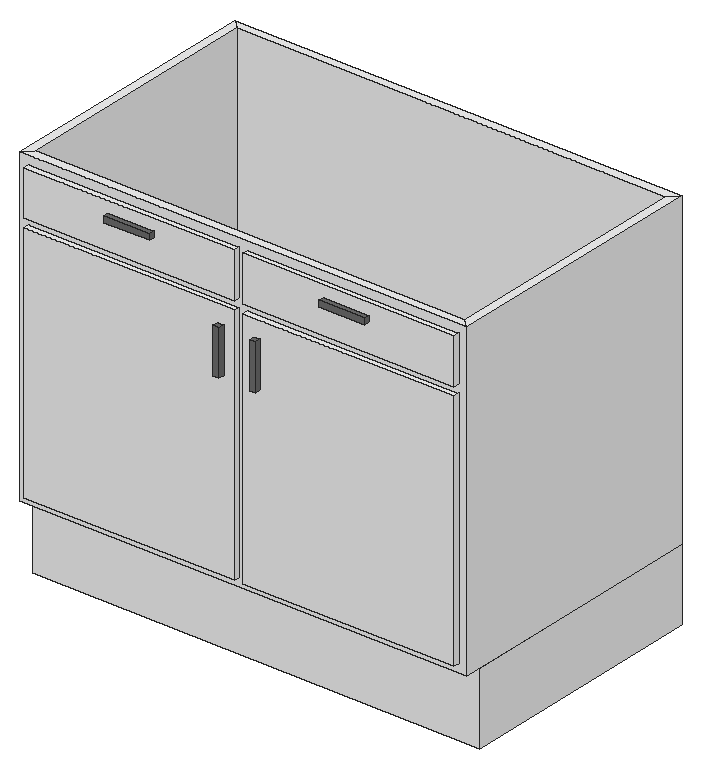
Revit family "Base Cabinet-Double Door & 2 Drawer (M)", category 케이스워크, Revit 2026
Family settings
  작업 기준면 기반 = 아니오
  항상 수직 = 예
  로드될 때 보이드를 사용하여 절단 = 아니오
  공유 = 아니오
  룸 계산 점 = 아니오
Parameters (values of type "1000mm")
  기본 높이 = 0 mm
  Cabinet Material = none
  깊이 = 600 mm
  Door/Drawer Material = none
  Handle Material = Cabinets - Handles
  높이 = 860 mm
  Plinth Depth = 35 mm
  Plinth Height = 160 mm
  폭 = 1000 mm
Types (3, lengths in mm): name | 폭
  (no name) | 1000
  600mm | 600
  1000mm | 1000
Reference planes
  plane 1 "Back": y = 0
  plane 2: z = 0
  plane 3 "Center": x = 18.738
  plane 4 "Left": x = -481.262
  plane 5 "Right": x = 518.738
  plane 6 "Front": y = -600
  plane 7 "Top": z = 860
  plane 8: y = -565
  plane 9: z = 160
  plane 10: z = 840.95
  plane 11: z = 179.05
  plane 12: x = -462.212
  plane 13: x = 499.688
  plane 14: z = 739.35
  plane 15: z = 720.3
  plane 16: x = -272.537
  plane 17: x = -170.937
  plane 18: z = 815.55
  plane 19: z = 802.85
  plane 20: z = 682.2
  plane 21: z = 580.6
  plane 22: x = -16.187
  plane 23: x = -28.887
  plane 24: x = 9.213
  plane 25: x = 28.263
  plane 26: x = 53.663
  plane 27: x = 66.363
  plane 28: x = -221.737
  plane 29: x = 259.213
  plane 30: x = 208.413
  plane 31: x = 310.013
  plane 32: z = 449.675
Forms (mm)
  Extrusion 1, solid, material <- "Cabinet Material"
    sketch origin (0, 0, 0) x (1, 0, 0) y (0, 1, 0)
      loop
        line (-481.262, 0) -> (-481.262, -565) -> (518.738, -565) -> (518.738, 0) -> (-481.262, 0)
    from 0 to 160
  Sweep 2, solid, material <- "Cabinet Material"
    path origin (0, 0, 0) x (1, 0, 0) y (0, 1, 0)
      loop
        line (518.738, 0) -> (-481.262, 0) -> (-481.262, -600) -> (518.738, -600) -> (518.738, 0)
    profile origin (0, -300, 0) x (1, 0, 0) y (0, 0, 1)
      loop
        line (518.738, 160) -> (518.738, 860) -> (499.688, 860) -> (499.688, 160) -> (518.738, 160)
  Extrusion 3, solid, material <- "Cabinet Material"
    sketch origin (0, 0, 0) x (1, 0, 0) y (0, 1, 0)
      loop
        line (-462.212, -19.05) -> (-462.212, -580.95) -> (499.688, -580.95) -> (499.688, -19.05) -> (-462.212, -19.05)
    from 179.05 to 160
  Extrusion 4, solid, material <- "Door/Drawer Material"
    sketch origin (0, -600, 0) x (1, 0, 0) y (0, 0, 1)
      loop
        line (-462.212, 840.95) -> (-462.212, 739.35) -> (9.213, 739.35) -> (9.213, 840.95) -> (-462.212, 840.95)
      loop
        line (28.263, 840.95) -> (28.263, 739.35) -> (499.688, 739.35) -> (499.688, 840.95) -> (28.263, 840.95)
      loop
        line (-462.212, 720.3) -> (-462.212, 179.05) -> (9.213, 179.05) -> (9.213, 720.3) -> (-462.212, 720.3)
      loop
        line (28.263, 720.3) -> (28.263, 179.05) -> (499.688, 179.05) -> (499.688, 720.3) -> (28.263, 720.3)
    from 0 to 12.7
  Extrusion 5, solid, material "Cabinets - Handles" <- "Handle Material"
    sketch origin (0, -600, 0) x (1, 0, 0) y (0, 0, 1)
      loop
        line (-272.537, 815.55) -> (-272.537, 802.85) -> (-170.937, 802.85) -> (-170.937, 815.55) -> (-272.537, 815.55)
      loop
        line (208.413, 815.55) -> (208.413, 802.85) -> (310.013, 802.85) -> (310.013, 815.55) -> (208.413, 815.55)
      loop
        line (-28.887, 682.2) -> (-28.887, 580.6) -> (-16.187, 580.6) -> (-16.187, 682.2) -> (-28.887, 682.2)
      loop
        line (53.663, 682.2) -> (53.663, 580.6) -> (66.363, 580.6) -> (66.363, 682.2) -> (53.663, 682.2)
    from 12.7 to 25.4
Lines and regions (mm)
  symbolic lines, style "Plan Rep - Below"
    curve 1: line (518.738, -600, 0) -> (-481.262, -600, 0)
    curve 2: line (518.738, 0, 0) -> (518.738, -600, 0)
    curve 3: line (-481.262, 0, 0) -> (518.738, 0, 0)
    curve 4: line (-481.262, -600, 0) -> (-481.262, 0, 0)
  model lines
    curve 5: line (499.688, -600, 739.35) -> (28.263, -600, 739.35)
    curve 6: line (499.688, -600, 840.95) -> (499.688, -600, 739.35)
    curve 7: line (-462.212, -600, 840.95) -> (9.213, -600, 840.95)
    curve 8: line (-462.212, -600, 739.35) -> (-462.212, -600, 840.95)
    curve 9: line (499.688, -600, 179.05) -> (28.263, -600, 179.05)
    curve 10: line (499.688, -600, 720.3) -> (499.688, -600, 179.05)
    curve 11: line (-462.212, -600, 720.3) -> (9.213, -600, 720.3)
    curve 12: line (-462.212, -600, 179.05) -> (-462.212, -600, 720.3)
    curve 13: line (-272.537, -600, 815.55) -> (-170.937, -600, 815.55)
    curve 14: line (-272.537, -600, 802.85) -> (-272.537, -600, 815.55)
    curve 15: line (-170.937, -600, 802.85) -> (-272.537, -600, 802.85)
    curve 16: line (-170.937, -600, 815.55) -> (-170.937, -600, 802.85)
    curve 17: line (-28.887, -600, 682.2) -> (-16.187, -600, 682.2)
    curve 18: line (-28.887, -600, 580.6) -> (-28.887, -600, 682.2)
    curve 19: line (-16.187, -600, 580.6) -> (-28.887, -600, 580.6)
    curve 20: line (-16.187, -600, 682.2) -> (-16.187, -600, 580.6)
    curve 21: line (28.263, -600, 179.05) -> (28.263, -600, 720.3)
    curve 22: line (9.213, -600, 179.05) -> (9.213, -600, 720.3)
    curve 23: line (66.363, -600, 682.2) -> (53.663, -600, 682.2)
    curve 24: line (66.363, -600, 580.6) -> (66.363, -600, 682.2)
    curve 25: line (53.663, -600, 580.6) -> (66.363, -600, 580.6)
    curve 26: line (53.663, -600, 682.2) -> (53.663, -600, 580.6)
    curve 27: line (28.263, -600, 720.3) -> (499.688, -600, 720.3)
    curve 28: line (9.213, -600, 179.05) -> (-462.212, -600, 179.05)
    curve 29: line (310.013, -600, 815.55) -> (208.413, -600, 815.55)
    curve 30: line (310.013, -600, 802.85) -> (310.013, -600, 815.55)
    curve 31: line (208.413, -600, 802.85) -> (310.013, -600, 802.85)
    curve 32: line (208.413, -600, 815.55) -> (208.413, -600, 802.85)
    curve 33: line (9.213, -600, 739.35) -> (9.213, -600, 840.95)
    curve 34: line (28.263, -600, 739.35) -> (28.263, -600, 840.95)
    curve 35: line (28.263, -600, 840.95) -> (499.688, -600, 840.95)
    curve 36: line (9.213, -600, 739.35) -> (-462.212, -600, 739.35)
  symbolic lines, style "Elevation Swing"
    curve 37: line (9.213, 0, 720.3) -> (-462.212, 0, 449.675)
    curve 38: line (-462.212, 0, 449.675) -> (9.213, 0, 179.05)
    curve 39: line (28.263, 0, 179.05) -> (499.688, 0, 449.675)
    curve 40: line (499.688, 0, 449.675) -> (28.263, 0, 720.3)
Dimensions and locks
  "깊이": plane 6 "Front" to plane 1 "Back"
  "폭": plane 4 "Left" to plane 5 "Right"
  equal spacing: plane 4 "Left", plane 3 "Center", plane 5 "Right"
  "높이": level to plane 7 "Top"
  "Plinth Height": plane 2 to plane 9
  "Plinth Depth": plane 6 "Front" to plane 8
  locked: plane 4 "Left" to plane 12 at 19.05
  locked: plane 13 to plane 5 "Right" at 19.05
  locked: plane 7 "Top" to plane 10 at 19.05
  locked: plane 11 to plane 9 at 19.05
  plane 10 to plane 14 to plane 15 = 101.6 mm locked, 19.05 mm locked
  plane 15 to plane 20 to plane 21 = 38.1 mm locked, 101.6 mm locked
  plane 10 to plane 18 to plane 19 = 25.4 mm locked, 12.7 mm locked
  plane 25 to plane 3 "Center" to plane 24 = 9.525 mm locked, 9.525 mm locked
  plane 24 to plane 22 to plane 23 = 25.4 mm locked, 12.7 mm locked
  plane 25 to plane 26 to plane 27 = 25.4 mm locked, 12.7 mm locked
  equal spacing: plane 12, plane 28, plane 3 "Center"
  equal spacing: plane 13, plane 29, plane 3 "Center"
  plane 16 to plane 28 to plane 17 = 50.8 mm locked, 50.8 mm locked
  plane 30 to plane 29 to plane 31 = 50.8 mm locked, 50.8 mm locked
  equal spacing: plane 15, plane 32, plane 11
  aligned and locked: plane 1 "Back" to Extrusion 1 sketch curve
  aligned and locked: Extrusion 1 sketch curve to plane 5 "Right"
  aligned and locked: Extrusion 1 sketch curve to plane 8
  aligned and locked: plane 4 "Left" to Extrusion 1 sketch curve
  aligned and locked: Extrusion 1 to level
  aligned and locked: Sweep 2 sketch curve to plane 6 "Front"
  aligned and locked: plane 1 "Back" to Sweep 2 sketch curve
  aligned and locked: Sweep 2 sketch curve to plane 5 "Right"  (x2)
  aligned and locked: plane 4 "Left" to Sweep 2 sketch curve
  aligned and locked: plane 7 "Top" to Sweep 2 sketch curve
  aligned and locked: plane 9 to Sweep 2 sketch curve
  aligned and locked: Sweep 2 to Extrusion 3 sketch curve  (x2)
  aligned and locked: Extrusion 3 sketch curve to Sweep 2  (x2)
  aligned and locked: Extrusion 3 to plane 11
  aligned and locked: Extrusion 3 to plane 9
  aligned and locked: plane 9 to Extrusion 1
Automatic sketch dimensions
  profile plane to Sweep 2 sketch curve = 19.05 mm
  curve 1 to plane 4 "Left" = 0 mm
  curve 3 to plane 1 "Back" = 0 mm
  curve 3 to plane 5 "Right" = 0 mm
  curve 1 to plane 6 "Front" = 0 mm
  Extrusion 4 sketch curve to plane 12 = 0 mm  (x2)
  Extrusion 4 sketch curve to plane 10 = 0 mm  (x2)
  Extrusion 4 sketch curve to plane 24 = 0 mm  (x2)
  Extrusion 4 sketch curve to plane 11 = 0 mm  (x2)
  Extrusion 4 sketch curve to plane 14 = 0 mm  (x2)
  Extrusion 4 sketch curve to plane 25 = 0 mm  (x2)
  Extrusion 4 sketch curve to plane 15 = 0 mm  (x2)
  Extrusion 4 sketch curve to plane 13 = 0 mm  (x2)
  Extrusion 5 sketch curve to plane 16 = 0 mm
  Extrusion 5 sketch curve to plane 17 = 0 mm
  Extrusion 5 sketch curve to plane 20 = 0 mm  (x2)
  Extrusion 5 sketch curve to plane 23 = 0 mm
  Extrusion 5 sketch curve to plane 21 = 0 mm  (x2)
  Extrusion 5 sketch curve to plane 22 = 0 mm
  Extrusion 5 sketch curve to plane 26 = 0 mm
  Extrusion 5 sketch curve to plane 27 = 0 mm
  Extrusion 5 sketch curve to plane 18 = 0 mm  (x2)
  Extrusion 5 sketch curve to plane 30 = 0 mm
  Extrusion 5 sketch curve to plane 19 = 0 mm  (x2)
  Extrusion 5 sketch curve to plane 31 = 0 mm
  curve 35 to plane 10 = 0 mm
  curve 35 to plane 13 = 0 mm
  curve 40 to plane 13 = 0 mm
  curve 10 to plane 13 = 0 mm
  curve 31 to plane 19 = 0 mm
  curve 31 to plane 31 = 0 mm
  curve 29 to plane 18 = 0 mm
  curve 29 to plane 30 = 0 mm
  curve 23 to plane 20 = 0 mm
  curve 23 to plane 27 = 0 mm
  curve 26 to plane 26 = 0 mm
  curve 27 to plane 15 = 0 mm
  curve 27 to plane 25 = 0 mm
  curve 39 to plane 11 = 0 mm
  curve 39 to plane 25 = 0 mm
  curve 34 to plane 25 = 0 mm
  curve 40 to plane 15 = 0 mm
  curve 40 to plane 25 = 0 mm
  curve 22 to plane 11 = 0 mm
  curve 22 to plane 24 = 0 mm
  curve 33 to plane 10 = 0 mm
  curve 33 to plane 24 = 0 mm
  curve 37 to plane 15 = 0 mm
  curve 37 to plane 24 = 0 mm
  curve 38 to plane 11 = 0 mm
  curve 38 to plane 24 = 0 mm
  curve 19 to plane 21 = 0 mm
  curve 19 to plane 22 = 0 mm
  curve 19 to plane 23 = 0 mm
  curve 16 to plane 17 = 0 mm
  curve 13 to plane 16 = 0 mm
  curve 36 to plane 12 = 0 mm
  curve 12 to plane 12 = 0 mm
  curve 38 to plane 12 = 0 mm
  curve 13 to plane 18 = 0 mm
  curve 15 to plane 19 = 0 mm
  curve 36 to plane 14 = 0 mm
  curve 5 to plane 14 = 0 mm
  curve 22 to plane 15 = 0 mm
  curve 20 to plane 20 = 0 mm
  curve 26 to plane 21 = 0 mm
  curve 40 to plane 32 = 0 mm
  curve 37 to plane 32 = 0 mm
  curve 9 to plane 11 = 0 mm
